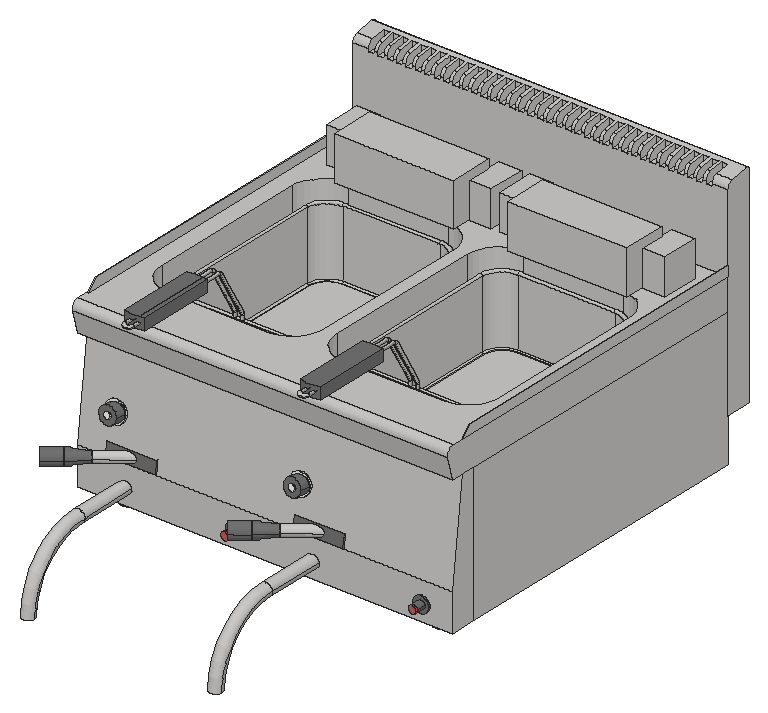
Revit family "QF_GIORIK_LFE6783", category Specialty Equipment, Revit 2014
Parameters (values of type "LFE6783")
  Weight in Pounds = 68.3432
  Watts = 12600 W
  Volts = 400 V
  URL Cutsheet = "www.giorik.com"
  URL = "www.giorik.com"
  Status [instance] = ""
  Specification by User [instance] = ""
  Specification by Manufacturer = ""
  Show Logo [instance] = yes
  Show Clearance [instance] = yes
  Serial Number = ""
  Seismic Rating = ""
  SMACNA No = ""
  Revision Code [instance] = ""
  Phase = 3
  Number of Poles [instance] = 3
  NAFEM Spec ID Number = ""
  Model = "LFE6783"
  Min Ckt Ampacity = 0 A
  Max Overcurrent Protection = 0 A
  Masterspec = ""
  Manufacturer = "GIORIK"
  Item Number [instance] = ""
  Installed By [instance] = ""
  Identify Quantity as Lot [instance] = no
  HP = "16.896852000000"
  Furnished By [instance] = ""
  Foodservice Equipment Identifier [instance] = yes
  FL Amps = 0 A
  Electrical Remarks [instance] = ""
  Electric Connection Type [instance] = ""
  Elec Conn RI Height [instance] = 0 mm
  Elec Conn Connection Height [instance] = 45 mm
  Description = "FRYER WITH LIFTABLE HEATING ELEMENTS ELECTRIC 8+8 LT"
  Cycle = 50 Hz
  Conn Plug = ""
  CSI MasterFormat = ""
  Assembly Code = "E1090320"
  Apparent Power = 12600 VA
Reference planes
  plane 1 "Back": y = 0
  plane 2: z = 0
  plane 3 "Left": x = 0
  plane 4 "Right": x = 600
  plane 5 "Front": y = -600
  plane 6 "Top": z = 430
Forms (mm)
  Extrusion 1, solid
    sketch origin (0, 1000, -578.42) x (0, 1, 0) y (0, 0, 1)
      loop
        line (-1040.007, 869.975) -> (-1589.445, 869.975)
        arc (-1589.445, 869.975) -> (-1598.171, 865.672) -> (-1600.069, 856.13) r 10.999
        line (-1600.069, 856.13) -> (-1590.388, 820) -> (-1040.007, 820) -> (-1040.007, 869.975)
    from 0 to 600
  Extrusion 2, solid
    sketch origin (0, 0, -558.42) x (0, 1, 0) y (0, 0, 1)
      loop
        line (-570.06, 849.975) -> (-40.007, 849.975) -> (-40.007, 864.975) -> (-555.06, 864.975) -> (-570.06, 849.975)
    from 0 to 1.85
  Extrusion 3, solid
    sketch origin (0, 0, -558.42) x (0, 1, 0) y (0, 0, 1)
      loop
        line (-40.007, 800) -> (-550, 800) -> (-550, 580) -> (-40.007, 580) -> (-40.007, 800)
    from 0 to 600
  Extrusion 4, solid
    sketch origin (0, 0, -558.42) x (0, 1, 0) y (0, 0, 1)
      loop
        line (-550, 800) -> (-570.5, 800) -> (-590, 640) -> (-590, 580) -> (-550, 580) -> (-550, 800)
    from 0 to 600
  Extrusion 5, solid
    sketch origin (598.094, 0, -558.42) x (0, 1, 0) y (0, 0, 1)
      loop
        line (-570.06, 849.975) -> (-40.007, 849.975) -> (-40.007, 864.975) -> (-555.06, 864.975) -> (-570.06, 849.975)
    from -0.15 to 1.906
  Extrusion 6, solid
    sketch origin (0, 0, -558.42) x (0, 1, 0) y (0, 0, 1)
      loop
        line (-40.007, 974.217) -> (-40.007, 650.827) -> (0, 650.827) -> (0, 988.42)
        arc (0, 988.42) -> (-0.57, 989.648) -> (-1.878, 990) r 1.6
        line (-1.878, 990) -> (-31.072, 984.852)
        arc (-31.072, 984.852) -> (-37.477, 981.162) -> (-40.007, 974.217) r 10.797
    from 0 to 600
  Extrusion 7, solid
    sketch origin (568.319, 0, -558.42) x (1, 0, 0) y (0, 0, 1)
      loop
        circle (-38.319, 606) r 12.5
    from 20.007 to 40.007
  Extrusion 8, void
    sketch origin (10, 0, 431.58) x (0, 1, 0) y (-1, 0, 0)
      loop
        line (-40.007, -25) -> (-9.931, -25) -> (-9.931, -15) -> (-40.007, -15) -> (-40.007, -25)
      loop
        line (-40.007, -40) -> (-9.931, -40) -> (-9.931, -30) -> (-40.007, -30) -> (-40.007, -40)
      loop
        line (-40.007, -55) -> (-9.931, -55) -> (-9.931, -45) -> (-40.007, -45) -> (-40.007, -55)
      loop
        line (-40.007, -70) -> (-9.931, -70) -> (-9.931, -60) -> (-40.007, -60) -> (-40.007, -70)
      loop
        line (-40.007, -85) -> (-9.931, -85) -> (-9.931, -75) -> (-40.007, -75) -> (-40.007, -85)
      loop
        line (-40.007, -100) -> (-9.931, -100) -> (-9.931, -90) -> (-40.007, -90) -> (-40.007, -100)
      loop
        line (-40.007, -115) -> (-9.931, -115) -> (-9.931, -105) -> (-40.007, -105) -> (-40.007, -115)
      loop
        line (-40.007, -130) -> (-9.931, -130) -> (-9.931, -120) -> (-40.007, -120) -> (-40.007, -130)
      loop
        line (-40.007, -145) -> (-9.931, -145) -> (-9.931, -135) -> (-40.007, -135) -> (-40.007, -145)
      loop
        line (-40.007, -160) -> (-9.931, -160) -> (-9.931, -150) -> (-40.007, -150) -> (-40.007, -160)
      loop
        line (-40.007, -175) -> (-9.931, -175) -> (-9.931, -165) -> (-40.007, -165) -> (-40.007, -175)
      loop
        line (-40.007, -190) -> (-9.931, -190) -> (-9.931, -180) -> (-40.007, -180) -> (-40.007, -190)
      loop
        line (-40.007, -205) -> (-9.931, -205) -> (-9.931, -195) -> (-40.007, -195) -> (-40.007, -205)
      loop
        line (-40.007, -220) -> (-9.931, -220) -> (-9.931, -210) -> (-40.007, -210) -> (-40.007, -220)
      loop
        line (-40.007, -235) -> (-9.931, -235) -> (-9.931, -225) -> (-40.007, -225) -> (-40.007, -235)
      loop
        line (-40.007, -250) -> (-9.931, -250) -> (-9.931, -240) -> (-40.007, -240) -> (-40.007, -250)
      loop
        line (-40.007, -265) -> (-9.931, -265) -> (-9.931, -255) -> (-40.007, -255) -> (-40.007, -265)
      loop
        line (-40.007, -280) -> (-9.931, -280) -> (-9.931, -270) -> (-40.007, -270) -> (-40.007, -280)
      loop
        line (-40.007, -295) -> (-9.931, -295) -> (-9.931, -285) -> (-40.007, -285) -> (-40.007, -295)
      loop
        line (-40.007, -310) -> (-9.931, -310) -> (-9.931, -300) -> (-40.007, -300) -> (-40.007, -310)
      loop
        line (-40.007, -325) -> (-9.931, -325) -> (-9.931, -315) -> (-40.007, -315) -> (-40.007, -325)
      loop
        line (-40.007, -340) -> (-9.931, -340) -> (-9.931, -330) -> (-40.007, -330) -> (-40.007, -340)
      loop
        line (-40.007, -355) -> (-9.931, -355) -> (-9.931, -345) -> (-40.007, -345) -> (-40.007, -355)
      loop
        line (-40.007, -370) -> (-9.931, -370) -> (-9.931, -360) -> (-40.007, -360) -> (-40.007, -370)
      loop
        line (-40.007, -385) -> (-9.931, -385) -> (-9.931, -375) -> (-40.007, -375) -> (-40.007, -385)
      loop
        line (-40.007, -400) -> (-9.931, -400) -> (-9.931, -390) -> (-40.007, -390) -> (-40.007, -400)
      loop
        line (-40.007, -415) -> (-9.931, -415) -> (-9.931, -405) -> (-40.007, -405) -> (-40.007, -415)
      loop
        line (-40.007, -430) -> (-9.931, -430) -> (-9.931, -420) -> (-40.007, -420) -> (-40.007, -430)
      loop
        line (-40.007, -445) -> (-9.931, -445) -> (-9.931, -435) -> (-40.007, -435) -> (-40.007, -445)
      loop
        line (-40.007, -460) -> (-9.931, -460) -> (-9.931, -450) -> (-40.007, -450) -> (-40.007, -460)
      loop
        line (-40.007, -520) -> (-9.931, -520) -> (-9.931, -510) -> (-40.007, -510) -> (-40.007, -520)
      loop
        line (-40.007, -535) -> (-9.931, -535) -> (-9.931, -525) -> (-40.007, -525) -> (-40.007, -535)
      loop
        line (-40.007, -565) -> (-9.931, -565) -> (-9.931, -555) -> (-40.007, -555) -> (-40.007, -565)
      loop
        line (-40.007, -475) -> (-9.931, -475) -> (-9.931, -465) -> (-40.007, -465) -> (-40.007, -475)
      loop
        line (-40.007, -490) -> (-9.931, -490) -> (-9.931, -480) -> (-40.007, -480) -> (-40.007, -490)
      loop
        line (-40.007, -505) -> (-9.931, -505) -> (-9.931, -495) -> (-40.007, -495) -> (-40.007, -505)
      loop
        line (-40.007, -550) -> (-9.931, -550) -> (-9.931, -540) -> (-40.007, -540) -> (-40.007, -550)
    from 0 to -20
  Extrusion 9, solid
    sketch origin (566.603, 14.286, -28.42) x (0, 1, 0) y (-1, 0, 0)
      loop
        circle (-79.293, 516.603) r 5
    from 40.385 to 50
  Revolve 10, solid
    sketch origin (50, 18.936, -600) x (0, 1, 0) y (0, 0, 1)
      loop
        line (-83.943, 611.965) -> (-94.752, 611.965) -> (-97.943, 600) -> (-83.943, 600) -> (-83.943, 611.965)
      axis (-83.943, 611.965) -> (-83.943, 600)
    angle from 0 to 360
  Extrusion 11, solid
    sketch origin (33.397, 14.286, -28.42) x (0, 1, 0) y (-1, 0, 0)
      loop
        circle (-79.293, -516.603) r 5
    from 40.385 to 50
  Revolve 12, solid
    sketch origin (550, 18.936, -600) x (0, 1, 0) y (0, 0, -1)
      loop
        line (-83.943, -611.965) -> (-83.943, -600) -> (-97.943, -600) -> (-94.752, -611.965) -> (-83.943, -611.965)
      axis (-83.943, -611.965) -> (-83.943, -600)
    angle from 0 to 360
  Extrusion 13, solid
    sketch origin (566.603, -469.707, -30) x (0, 1, 0) y (-1, 0, 0)
      loop
        circle (-79.293, 516.603) r 5
    from 41.965 to 51.58
  Revolve 14, solid
    sketch origin (50, -465.057, -600) x (0, 1, 0) y (0, 0, 1)
      loop
        line (-83.943, 611.965) -> (-94.752, 611.965) -> (-97.943, 600) -> (-83.943, 600) -> (-83.943, 611.965)
      axis (-83.943, 611.965) -> (-83.943, 600)
    angle from 0 to 360
  Extrusion 15, solid
    sketch origin (33.397, -469.707, -30) x (0, 1, 0) y (-1, 0, 0)
      loop
        circle (-79.293, -516.603) r 5
    from 41.965 to 51.58
  Revolve 16, solid
    sketch origin (550, -465.057, -600) x (0, 1, 0) y (0, 0, -1)
      loop
        line (-83.943, -611.965) -> (-83.943, -600) -> (-97.943, -600) -> (-94.752, -611.965) -> (-83.943, -611.965)
      axis (-83.943, -611.965) -> (-83.943, -600)
    angle from 0 to 360
  Extrusion 17, void
    sketch origin (0, 0, 430) x (0, 1, 0) y (-1, 0, 0)
      loop
        arc (-150.007, -80) -> (-164.652, -44.645) -> (-200.007, -30) r 50
        line (-200.007, -30) -> (-460, -30)
        arc (-460, -30) -> (-495.355, -44.645) -> (-510, -80) r 50
        line (-510, -80) -> (-510, -240)
        arc (-510, -240) -> (-495.355, -275.355) -> (-460, -290) r 50
        line (-460, -290) -> (-200.007, -290)
        arc (-200.007, -290) -> (-164.652, -275.355) -> (-150.007, -240) r 50
        line (-150.007, -240) -> (-150.007, -80)
      loop
        line (-150.007, -520) -> (-150.007, -360)
        arc (-150.007, -360) -> (-164.652, -324.645) -> (-200.007, -310) r 50
        line (-200.007, -310) -> (-460, -310)
        arc (-460, -310) -> (-495.355, -324.645) -> (-510, -360) r 50
        line (-510, -360) -> (-510, -520)
        arc (-510, -520) -> (-495.355, -555.355) -> (-460, -570) r 50
        line (-460, -570) -> (-200.007, -570)
        arc (-200.007, -570) -> (-164.652, -555.355) -> (-150.007, -520) r 50
    from -97.843 to -337.592
  Sweep 18, solid
    path origin (75, 226.022, -176.065) x (0, 1, 0) y (0, 0, 1)
      loop
        line (-814.022, 222.645) -> (-909.022, 222.645)
        arc (-909.022, 222.645) -> (-979.733, 193.356) -> (-1009.022, 122.645) r 100
    profile origin (75, -635.5, 46.58) x (0, 0, -1) y (1, 0, 0)
      loop
        circle (0, 0) r 10
  Extrusion 19, solid
    sketch origin (211.298, -565.79, -665.116) x (1, 0, 0) y (0, 0.001091, 0.999999)
      loop
        circle (38.702, 711.666) r 12.5
    from 25 to 27
  Extrusion 20, solid
    sketch origin (-514.91, -592.797, -671.509) x (1, 0, 0) y (0, 0.001091, 0.999999)
      loop
        circle (764.91, 718.089) r 6
    from 0 to 15
  Extrusion 21, solid
    sketch origin (-514.91, -593.959, -671.508) x (1, 0, 0) y (0, 0.001091, 0.999999)
      loop
        circle (764.91, 718.089) r 6
    from 13.838 to 15.838
  Blend 22, solid
    base sketch origin (588.702, -95.301, -902.739) x (0.615661, -0.788011, 0) y (0, 0, 1)
      loop
        circle (76.097, 994.319) r 8
    top sketch origin (588.702, -95.301, -902.739) x (0.615661, -0.788011, 0) y (0, 0, 1)
      loop
        circle (76.097, 994.319) r 12
    from 750.092 to 785.1
  Extrusion 23, solid
    sketch origin (579.876, -86.968, -914.17) x (0.615661, -0.788011, 0) y (0, 0, 1)
      loop
        circle (88.097, 1005.786) r 12
    from 783.275 to 813.376
  Extrusion 24, solid
    sketch origin (-430.908, -8.612, -369.564) x (-0.615661, 0.788011, 0) y (0, 0, 1)
      loop
        circle (-772.143, 461.145) r 8
    from 0 to 59.891
  Extrusion 25, solid
    sketch origin (-40, -17.89, -65.171) x (1, 0, 0) y (0, 0.12098, 0.992655)
      loop
        line (84.851, 96.58) -> (84.851, 76.58) -> (164.851, 76.58) -> (164.851, 96.58) -> (84.851, 96.58)
    from 584.669 to 586.623
  Extrusion 26, solid
    sketch origin (511.298, -565.79, -665.116) x (1, 0, 0) y (0, 0.001091, 0.999999)
      loop
        circle (38.702, 711.666) r 12.5
    from 25 to 27
  Extrusion 27, solid
    sketch origin (-214.91, -592.797, -671.509) x (1, 0, 0) y (0, 0.001091, 0.999999)
      loop
        circle (764.91, 718.089) r 6
    from 0 to 15
  Extrusion 28, solid
    sketch origin (-214.91, -593.959, -671.508) x (1, 0, 0) y (0, 0.001091, 0.999999)
      loop
        circle (764.91, 718.089) r 6
    from 13.838 to 15.838
  Sweep 29, solid
    path origin (375, 226.022, -176.065) x (0, 1, 0) y (0, 0, 1)
      loop
        line (-814.022, 222.645) -> (-909.022, 222.645)
        arc (-909.022, 222.645) -> (-979.733, 193.356) -> (-1009.022, 122.645) r 100
    profile origin (375, -635.5, 46.58) x (0, 0, -1) y (1, 0, 0)
      loop
        circle (0, 0) r 10
  Blend 30, solid
    base sketch origin (888.702, -95.301, -902.739) x (0.615661, -0.788011, 0) y (0, 0, 1)
      loop
        circle (76.097, 994.319) r 8
    top sketch origin (888.702, -95.301, -902.739) x (0.615661, -0.788011, 0) y (0, 0, 1)
      loop
        circle (76.097, 994.319) r 12
    from 750.092 to 785.1
  Extrusion 31, solid
    sketch origin (879.876, -86.968, -914.17) x (0.615661, -0.788011, 0) y (0, 0, 1)
      loop
        circle (88.097, 1005.786) r 12
    from 783.275 to 813.376
  Extrusion 32, solid
    sketch origin (-130.908, -8.612, -369.564) x (-0.615661, 0.788011, 0) y (0, 0, 1)
      loop
        circle (-772.143, 461.145) r 8
    from 0 to 59.891
  Extrusion 33, solid
    sketch origin (260, -17.89, -65.171) x (1, 0, 0) y (0, 0.12098, 0.992655)
      loop
        line (84.851, 96.58) -> (84.851, 76.58) -> (164.851, 76.58) -> (164.851, 96.58) -> (84.851, 96.58)
    from 584.669 to 586.623
  Extrusion 34, solid
    sketch origin (-5.06, -27.512, 291.556) x (0, 1, 0) y (-1, 0, 0)
      loop
        line (-62.495, -71.06) -> (-132.495, -71.06) -> (-132.495, -262.06) -> (-62.495, -262.06) -> (-62.495, -71.06)
    from 0 to 70
  Extrusion 35, solid
    sketch origin (-38.5, 0, 291.556) x (0, 1, 0) y (-1, 0, 0)
      loop
        line (-70.007, -68.5) -> (-130.007, -68.5) -> (-130.007, -104.5) -> (-70.007, -104.5) -> (-70.007, -68.5)
    from 0 to 57
  Extrusion 36, solid
    sketch origin (188.5, 0, 291.556) x (0, 1, 0) y (-1, 0, 0)
      loop
        line (-70.007, -68.5) -> (-130.007, -68.5) -> (-130.007, -104.5) -> (-70.007, -104.5) -> (-70.007, -68.5)
    from 0 to 57
  Extrusion 37, solid
    sketch origin (605.06, -27.512, 291.556) x (0, 1, 0) y (-1, 0, 0)
      loop
        line (-62.495, 71.06) -> (-62.495, 262.06) -> (-132.495, 262.06) -> (-132.495, 71.06) -> (-62.495, 71.06)
    from 0 to 70
  Extrusion 38, solid
    sketch origin (638.5, 0, 291.556) x (0, 1, 0) y (-1, 0, 0)
      loop
        line (-70.007, 68.5) -> (-70.007, 104.5) -> (-130.007, 104.5) -> (-130.007, 68.5) -> (-70.007, 68.5)
    from 0 to 57
  Extrusion 39, solid
    sketch origin (411.5, 0, 291.556) x (0, 1, 0) y (-1, 0, 0)
      loop
        line (-70.007, 68.5) -> (-70.007, 104.5) -> (-130.007, 104.5) -> (-130.007, 68.5) -> (-70.007, 68.5)
    from 0 to 57
  Extrusion 40, solid
    sketch origin (55.121, -611.109, -93.063) x (1, 0, 0) y (0, 0.12098, 0.992655)
      loop
        circle (0, 240) r 14
    from 0 to 17.552
  Extrusion 41, solid
    sketch origin (55.121, -611.109, -93.063) x (1, 0, 0) y (0, 0.12098, 0.992655)
      loop
        circle (0, 240) r 17
    from 0 to 1.96
  Extrusion 42, solid
    sketch origin (-14.879, -20.398, -64.188) x (1, 0, 0) y (0, 0.12098, 0.992655)
      loop
        circle (70, 139.874) r 5
    from 601.431 to 599.431
  Extrusion 43, solid
    sketch origin (350.121, -611.109, -93.063) x (1, 0, 0) y (0, 0.12098, 0.992655)
      loop
        circle (0, 240) r 14
    from 0 to 17.552
  Extrusion 44, solid
    sketch origin (350.121, -611.109, -93.063) x (1, 0, 0) y (0, 0.12098, 0.992655)
      loop
        circle (0, 240) r 17
    from 0 to 1.96
  Extrusion 45, solid
    sketch origin (280.121, -20.398, -64.188) x (1, 0, 0) y (0, 0.12098, 0.992655)
      loop
        circle (70, 139.874) r 5
    from 601.431 to 599.431
  Sweep 46, solid
    path origin (265.248, -1566.33, 264.972) x (0, 1, 0) y (-1, 0, 0)
      loop
        arc (1405.5, -97.49) -> (1395.366, -73.124) -> (1371, -62.99) r 34.6
        line (1371, -62.99) -> (1132.51, -62.99)
        arc (1132.51, -62.99) -> (1107.632, -73.121) -> (1097.5, -98) r 34.6
        line (1097.5, -98) -> (1097.5, -252)
        arc (1097.5, -252) -> (1107.634, -276.366) -> (1132, -286.5) r 34.6
        line (1132, -286.5) -> (1371, -286.5)
        arc (1371, -286.5) -> (1395.366, -276.366) -> (1405.5, -252) r 34.6
        line (1405.5, -252) -> (1405.5, -97.49)
    profile origin (439.993, -160.83, 264.972) x (0, 1, 0) y (0, 0, 1)
      loop
        line (-2.5, 0) -> (-2.5, -107.472)
        arc (-2.5, -107.472) -> (-3.232, -109.24) -> (-5, -109.972) r 2.5
        line (-5, -109.972) -> (-5, -114.972) -> (0, -114.972)
        arc (0, -114.972) -> (1.768, -114.24) -> (2.5, -112.472) r 2.5
        line (2.5, -112.472) -> (2.5, 0)
        arc (2.5, 0) -> (0, 2.5) -> (-2.5, 0) r 2.5
  Extrusion 47, solid
    sketch origin (255.248, -1566.33, 343.972) x (0, 1, 0) y (-1, 0, 0)
      loop
        line (1014.866, -169) -> (890.852, -169)
        arc (890.852, -169) -> (888.33, -185) -> (890.852, -201) r 52
        line (890.852, -201) -> (1014.866, -201)
        arc (1014.866, -201) -> (1017.389, -185) -> (1014.866, -169) r 52
    from 0 to 18
  Extrusion 48, solid
    sketch origin (1242.748, -69.244, 150) x (0, 1, 0) y (-1, 0, 0)
      loop
        arc (-94.5, 882.51) -> (-103.14, 903.37) -> (-124, 912.01) r 29.5
        line (-124, 912.01) -> (-367.076, 912.01)
        arc (-367.076, 912.01) -> (-388.296, 903.22) -> (-397.086, 882) r 30.01
        line (-397.086, 882) -> (-397.086, 723)
        arc (-397.086, 723) -> (-388.446, 702.14) -> (-367.586, 693.5) r 29.5
        line (-367.586, 693.5) -> (-124, 693.5)
        arc (-124, 693.5) -> (-103.14, 702.14) -> (-94.5, 723) r 29.5
        line (-94.5, 723) -> (-94.5, 882.51)
    from 0 to 5
  Sweep 49, solid
    path origin (434.248, -1566.33, -556.028) x (0, 1, 0) y (0, 0, 1)
      loop
        line (1097.5, 818.028) -> (1097.5, 829.689)
        arc (1097.5, 829.689) -> (1097.33, 830.983) -> (1096.831, 832.188) r 5
        line (1096.831, 832.188) -> (1054.233, 906.027)
        arc (1054.233, 906.027) -> (1052.403, 907.858) -> (1049.902, 908.528) r 5
        line (1049.902, 908.528) -> (878.021, 908.528)
    profile origin (434.248, -468.83, 267.831) x (0, -1, 0) y (1, 0, 0)
      loop
        circle (0, 0) r 2
  Sweep 50, solid
    path origin (446.248, -1566.33, -566.028) x (0, 1, 0) y (0, 0, -1)
      loop
        line (1097.5, -828.028) -> (1097.5, -839.689)
        arc (1097.5, -839.689) -> (1097.33, -840.983) -> (1096.831, -842.188) r 5
        line (1096.831, -842.188) -> (1054.233, -916.027)
        arc (1054.233, -916.027) -> (1052.403, -917.858) -> (1049.902, -918.528) r 5
        line (1049.902, -918.528) -> (878.021, -918.528)
    profile origin (446.248, -468.83, 267.831) x (0, 1, 0) y (-1, 0, 0)
      loop
        circle (0, 0) r 2
  Sweep 51, solid
    path origin (255.248, -66.33, 352.5) x (0, 1, 0) y (-1, 0, 0)
      loop
        arc (-621.979, -179) -> (-627.979, -185) -> (-621.979, -191) r 6
    profile origin (440.248, -694.308, 352.5) x (0, 1, 0) y (0, 0, 1)
      loop
        circle (0, 0) r 2
  Sweep 52, solid
    path origin (334.752, -1566.33, 264.972) x (0, 1, 0) y (-1, 0, 0)
      loop
        line (1405.5, 97.49) -> (1405.5, 252)
        arc (1405.5, 252) -> (1395.366, 276.366) -> (1371, 286.5) r 34.6
        line (1371, 286.5) -> (1132, 286.5)
        arc (1132, 286.5) -> (1107.634, 276.366) -> (1097.5, 252) r 34.6
        line (1097.5, 252) -> (1097.5, 98)
        arc (1097.5, 98) -> (1107.632, 73.121) -> (1132.51, 62.99) r 34.6
        line (1132.51, 62.99) -> (1371, 62.99)
        arc (1371, 62.99) -> (1395.366, 73.124) -> (1405.5, 97.49) r 34.6
    profile origin (160.007, -160.83, 264.972) x (0, -1, 0) y (0, 0, 1)
      loop
        arc (2.5, 0) -> (0, 2.5) -> (-2.5, 0) r 2.5
        line (-2.5, 0) -> (-2.5, -112.472)
        arc (-2.5, -112.472) -> (-1.768, -114.24) -> (0, -114.972) r 2.5
        line (0, -114.972) -> (5, -114.972) -> (5, -109.972)
        arc (5, -109.972) -> (3.232, -109.24) -> (2.5, -107.472) r 2.5
        line (2.5, -107.472) -> (2.5, 0)
  Extrusion 53, solid
    sketch origin (344.752, -1566.33, 343.972) x (0, 1, 0) y (-1, 0, 0)
      loop
        arc (1014.866, 169) -> (1017.389, 185) -> (1014.866, 201) r 52
        line (1014.866, 201) -> (890.852, 201)
        arc (890.852, 201) -> (888.33, 185) -> (890.852, 169) r 52
        line (890.852, 169) -> (1014.866, 169)
    from 0 to 18
  Extrusion 54, solid
    sketch origin (-642.748, -69.244, 150) x (0, 1, 0) y (-1, 0, 0)
      loop
        line (-94.5, -882.51) -> (-94.5, -723)
        arc (-94.5, -723) -> (-103.14, -702.14) -> (-124, -693.5) r 29.5
        line (-124, -693.5) -> (-367.586, -693.5)
        arc (-367.586, -693.5) -> (-388.446, -702.14) -> (-397.086, -723) r 29.5
        line (-397.086, -723) -> (-397.086, -882)
        arc (-397.086, -882) -> (-388.296, -903.22) -> (-367.076, -912.01) r 30.01
        line (-367.076, -912.01) -> (-124, -912.01)
        arc (-124, -912.01) -> (-103.14, -903.37) -> (-94.5, -882.51) r 29.5
    from 0 to 5
  Sweep 55, solid
    path origin (165.752, -1566.33, -556.028) x (0, 1, 0) y (0, 0, -1)
      loop
        line (1097.5, -818.028) -> (1097.5, -829.689)
        arc (1097.5, -829.689) -> (1097.33, -830.983) -> (1096.831, -832.188) r 5
        line (1096.831, -832.188) -> (1054.233, -906.027)
        arc (1054.233, -906.027) -> (1052.403, -907.858) -> (1049.902, -908.528) r 5
        line (1049.902, -908.528) -> (878.021, -908.528)
    profile origin (165.752, -468.83, 267.831) x (0, 1, 0) y (-1, 0, 0)
      loop
        circle (0, 0) r 2
  Sweep 56, solid
    path origin (153.752, -1566.33, -566.028) x (0, 1, 0) y (0, 0, 1)
      loop
        line (1097.5, 828.028) -> (1097.5, 839.689)
        arc (1097.5, 839.689) -> (1097.33, 840.983) -> (1096.831, 842.188) r 5
        line (1096.831, 842.188) -> (1054.233, 916.027)
        arc (1054.233, 916.027) -> (1052.403, 917.858) -> (1049.902, 918.528) r 5
        line (1049.902, 918.528) -> (878.021, 918.528)
    profile origin (153.752, -468.83, 267.831) x (0, -1, 0) y (1, 0, 0)
      loop
        circle (0, 0) r 2
  Sweep 57, solid
    path origin (344.752, -66.33, 352.5) x (0, 1, 0) y (-1, 0, 0)
      loop
        arc (-621.979, 179) -> (-627.979, 185) -> (-621.979, 191) r 6
    profile origin (159.752, -694.308, 352.5) x (0, -1, 0) y (0, 0, 1)
      loop
        circle (0, 0) r 2
Cuts and joins
  Extrusion 8 cuts Extrusion 6
  Extrusion 17 cuts Extrusion 1
  Extrusion 17 cuts Extrusion 3
Lines and regions (mm)
  symbolic lines, style "200-EquipInternal-2D"
    curve 1: line (25, -9.931, 290) -> (25, -40.007, 290)
    curve 2: line (35, -40.007, 290) -> (35, -9.931, 290)
    curve 3: line (40, -9.931, 290) -> (40, -40.007, 290)
    curve 4: line (50, -40.007, 290) -> (50, -9.931, 290)
    curve 5: line (55, -9.931, 290) -> (55, -40.007, 290)
    curve 6: line (65, -40.007, 290) -> (65, -9.931, 290)
    curve 7: line (85, -9.931, 290) -> (85, -40.007, 290)
    curve 8: line (95, -40.007, 290) -> (95, -9.931, 290)
    curve 9: line (100, -9.931, 290) -> (100, -40.007, 290)
    curve 10: line (110, -40.007, 290) -> (110, -9.931, 290)
    curve 11: line (140, -40.007, 290) -> (140, -9.931, 290)
    curve 12: line (130, -9.931, 290) -> (130, -40.007, 290)
    curve 13: line (155, -40.007, 290) -> (155, -9.931, 290)
    curve 14: line (160, -9.931, 290) -> (160, -40.007, 290)
    curve 15: line (170, -40.007, 290) -> (170, -9.931, 290)
    curve 16: line (145, -9.931, 290) -> (145, -40.007, 290)
    curve 17: line (200, -40.007, 290) -> (200, -9.931, 290)
    curve 18: line (190, -9.931, 290) -> (190, -40.007, 290)
    curve 19: line (205, -9.931, 290) -> (205, -40.007, 290)
    curve 20: line (215, -40.007, 290) -> (215, -9.931, 290)
    curve 21: line (220, -9.931, 290) -> (220, -40.007, 290)
    curve 22: line (230, -40.007, 290) -> (230, -9.931, 290)
    curve 23: line (250, -9.931, 290) -> (250, -40.007, 290)
    curve 24: line (260, -40.007, 290) -> (260, -9.931, 290)
    curve 25: line (265, -9.931, 290) -> (265, -40.007, 290)
    curve 26: line (275, -40.007, 290) -> (275, -9.931, 290)
    curve 27: line (280, -9.931, 290) -> (280, -40.007, 290)
    curve 28: line (290, -40.007, 290) -> (290, -9.931, 290)
    curve 29: line (320, -40.007, 290) -> (320, -9.931, 290)
    curve 30: line (310, -9.931, 290) -> (310, -40.007, 290)
    curve 31: line (335, -40.007, 290) -> (335, -9.931, 290)
    curve 32: line (325, -9.931, 290) -> (325, -40.007, 290)
    curve 33: line (340, -9.931, 290) -> (340, -40.007, 290)
    curve 34: line (350, -40.007, 290) -> (350, -9.931, 290)
    curve 35: line (370, -9.931, 290) -> (370, -40.007, 290)
    curve 36: line (380, -9.931, 290) -> (370, -9.931, 290)
    curve 37: line (350, -9.931, 290) -> (340, -9.931, 290)
    curve 38: line (335, -9.931, 290) -> (325, -9.931, 290)
    curve 39: line (320, -9.931, 290) -> (310, -9.931, 290)
    curve 40: line (275, -9.931, 290) -> (265, -9.931, 290)
    curve 41: line (110, -9.931, 290) -> (100, -9.931, 290)
    curve 42: line (95, -9.931, 290) -> (85, -9.931, 290)
    curve 43: line (65, -9.931, 290) -> (55, -9.931, 290)
    curve 44: line (35, -9.931, 290) -> (25, -9.931, 290)
    curve 45: line (140, -9.931, 290) -> (130, -9.931, 290)
    curve 46: line (155, -9.931, 290) -> (145, -9.931, 290)
    curve 47: line (170, -9.931, 290) -> (160, -9.931, 290)
    curve 48: line (200, -9.931, 290) -> (190, -9.931, 290)
    curve 49: line (215, -9.931, 290) -> (205, -9.931, 290)
    curve 50: line (230, -9.931, 290) -> (220, -9.931, 290)
    curve 51: line (260, -9.931, 290) -> (250, -9.931, 290)
    curve 52: line (50, -9.931, 290) -> (40, -9.931, 290)
    curve 53: line (70, -9.931, 430) -> (70, -40.007, 430)
    curve 54: line (80, -40.007, 430) -> (80, -9.931, 430)
    curve 55: line (80, -9.931, 430) -> (70, -9.931, 430)
    curve 56: line (175, -9.931, 430) -> (175, -40.007, 430)
    curve 57: line (185, -40.007, 430) -> (185, -9.931, 430)
    curve 58: line (185, -9.931, 430) -> (175, -9.931, 430)
    curve 59: line (235, -9.931, 430) -> (235, -40.007, 430)
    curve 60: line (245, -40.007, 430) -> (245, -9.931, 430)
    curve 61: line (245, -9.931, 430) -> (235, -9.931, 430)
    curve 62: line (290, -9.931, 430) -> (280, -9.931, 430)
    curve 63: line (305, -9.931, 430) -> (295, -9.931, 430)
    curve 64: line (295, -9.931, 430) -> (295, -40.007, 430)
    curve 65: line (305, -40.007, 430) -> (305, -9.931, 430)
    curve 66: line (355, -9.931, 430) -> (355, -40.007, 430)
    curve 67: line (365, -40.007, 430) -> (365, -9.931, 430)
    curve 68: line (365, -9.931, 430) -> (355, -9.931, 430)
    curve 69: line (125, -9.931, 430) -> (115, -9.931, 430)
    curve 70: line (115, -9.931, 430) -> (115, -40.007, 430)
    curve 71: line (125, -40.007, 430) -> (125, -9.931, 430)
    curve 75: line (597.944, -570.06, 430) -> (600, -570.06, 430)
    curve 76: line (597.944, -40.007, 430) -> (597.944, -570.06, 430)
    curve 77: arc (80, -510, 430) -> (44.645, -495.355, 430) -> (30, -460, 430) r 50
    curve 78: line (0, -570.06, 430) -> (1.85, -570.06, 430)
    curve 79: line (1.85, -570.06, 430) -> (1.85, -40.007, 430)
    curve 80: line (1.85, -40.007, 430) -> (597.944, -40.007, 430)
    curve 97: line (380, -40.007, 430) -> (380, -9.931, 430)
    curve 98: line (385, -9.931, 430) -> (385, -40.007, 430)
    curve 99: line (395, -40.007, 430) -> (395, -9.931, 430)
    curve 100: line (400, -9.931, 430) -> (400, -40.007, 430)
    curve 101: line (410, -40.007, 430) -> (410, -9.931, 430)
    curve 102: line (415, -9.931, 430) -> (415, -40.007, 430)
    curve 103: line (425, -40.007, 430) -> (425, -9.931, 430)
    curve 104: line (430, -9.931, 430) -> (430, -40.007, 430)
    curve 105: line (440, -40.007, 430) -> (440, -9.931, 430)
    curve 106: line (445, -9.931, 430) -> (445, -40.007, 430)
    curve 107: line (455, -40.007, 430) -> (455, -9.931, 430)
    curve 108: line (460, -9.931, 430) -> (460, -40.007, 430)
    curve 109: line (470, -40.007, 430) -> (470, -9.931, 430)
    curve 110: line (475, -9.931, 430) -> (475, -40.007, 430)
    curve 111: line (485, -40.007, 430) -> (485, -9.931, 430)
    curve 112: line (490, -9.931, 430) -> (490, -40.007, 430)
    curve 113: line (500, -40.007, 430) -> (500, -9.931, 430)
    curve 114: line (505, -9.931, 430) -> (505, -40.007, 430)
    curve 115: line (515, -40.007, 430) -> (515, -9.931, 430)
    curve 116: line (520, -9.931, 430) -> (520, -40.007, 430)
    curve 117: line (530, -40.007, 430) -> (530, -9.931, 430)
    curve 118: line (535, -9.931, 430) -> (535, -40.007, 430)
    curve 119: line (545, -40.007, 430) -> (545, -9.931, 430)
    curve 120: line (550, -9.931, 430) -> (550, -40.007, 430)
    curve 121: line (560, -40.007, 430) -> (560, -9.931, 430)
    curve 122: line (565, -9.931, 430) -> (565, -40.007, 430)
    curve 123: line (575, -40.007, 430) -> (575, -9.931, 430)
    curve 124: line (575, -9.931, 430) -> (565, -9.931, 430)
    curve 125: line (560, -9.931, 430) -> (550, -9.931, 430)
    curve 126: line (545, -9.931, 430) -> (535, -9.931, 430)
    curve 127: line (530, -9.931, 430) -> (520, -9.931, 430)
    curve 128: line (515, -9.931, 430) -> (505, -9.931, 430)
    curve 129: line (500, -9.931, 430) -> (490, -9.931, 430)
    curve 130: line (485, -9.931, 430) -> (475, -9.931, 430)
    curve 131: line (470, -9.931, 430) -> (460, -9.931, 430)
    curve 132: line (455, -9.931, 430) -> (445, -9.931, 430)
    curve 133: line (440, -9.931, 430) -> (430, -9.931, 430)
    curve 134: line (425, -9.931, 430) -> (415, -9.931, 430)
    curve 135: line (410, -9.931, 430) -> (400, -9.931, 430)
    curve 136: line (395, -9.931, 430) -> (385, -9.931, 430)
    curve 147: line (520, -510, 430) -> (360, -510, 430)
    curve 148: line (240, -510, 430) -> (80, -510, 430)
    curve 149: arc (240, -510, 430) -> (275.355, -495.355, 430) -> (290, -460, 430) r 50
    curve 150: arc (310, -460, 430) -> (324.645, -495.355, 430) -> (360, -510, 430) r 50
    curve 151: arc (520, -510, 430) -> (555.355, -495.355, 430) -> (570, -460, 430) r 50
    curve 152: line (257, -90.007, 430) -> (66, -90.007, 430)
    curve 153: line (534, -90.007, 430) -> (343, -90.007, 430)
    curve 154: line (343, -160.007, 430) -> (534, -160.007, 430)
    curve 155: line (66, -160.007, 430) -> (257, -160.007, 430)
    curve 156: line (257, -130.007, 430) -> (293, -130.007, 430)
    curve 157: line (307, -130.007, 430) -> (343, -130.007, 430)
    curve 158: line (343, -70.007, 430) -> (307, -70.007, 430)
    curve 159: line (293, -70.007, 430) -> (257, -70.007, 430)
    curve 160: line (293, -130.007, 430) -> (293, -70.007, 430)
    curve 161: line (307, -70.007, 430) -> (307, -130.007, 430)
    curve 162: line (570, -130.007, 430) -> (570, -70.007, 430)
    curve 163: line (570, -70.007, 430) -> (534, -70.007, 430)
    curve 164: line (534, -130.007, 430) -> (570, -130.007, 430)
    curve 165: line (30, -70.007, 430) -> (30, -130.007, 430)
    curve 166: line (66, -70.007, 430) -> (30, -70.007, 430)
    curve 167: line (30, -130.007, 430) -> (66, -130.007, 430)
    curve 168: line (30, -200.007, 430) -> (30, -460, 430)
    curve 169: line (290, -460, 430) -> (290, -200.007, 430)
    curve 170: line (310, -200.007, 430) -> (310, -460, 430)
    curve 171: line (66, -70.007, 430) -> (66, -90.007, 430)
    curve 172: line (257, -70.007, 430) -> (257, -90.007, 430)
    curve 173: line (343, -70.007, 430) -> (343, -90.007, 430)
    curve 174: line (534, -70.007, 430) -> (534, -90.007, 430)
    curve 175: line (534, -160.007, 430) -> (534, -130.007, 430)
    curve 176: line (343, -130.007, 430) -> (343, -160.007, 430)
    curve 177: line (257, -160.007, 430) -> (257, -130.007, 430)
    curve 178: line (66, -130.007, 430) -> (66, -160.007, 430)
    curve 179: line (570, -460, 430) -> (570, -200.007, 430)
    curve 180: arc (66, -152.007, 430) -> (40, -170.007, 430) -> (30, -200.007, 430) r 50
    curve 181: arc (257, -152.986, 430) -> (280.927, -171.284, 430) -> (290, -200.007, 430) r 50
    curve 182: arc (343, -152.986, 430) -> (319.073, -171.284, 430) -> (310, -200.007, 430) r 50
    curve 183: arc (534, -152.007, 430) -> (560, -170.007, 430) -> (570, -200.007, 430) r 50
    curve 184: line (325.738, -195.322, 430) -> (325.738, -433.79, 430)
    curve 185: line (363.278, -471.33, 430) -> (432.225, -471.33, 430)
    curve 186: line (432.225, -468.83, 430) -> (432.225, -549.563, 430)
    curve 187: line (424.248, -603.737, 430) -> (424.248, -551.464, 430)
    curve 188: line (456.248, -551.464, 430) -> (456.248, -603.737, 430)
    curve 189: line (448.271, -549.563, 430) -> (448.271, -468.83, 430)
    curve 190: line (517.255, -471.33, 430) -> (448.271, -471.33, 430)
    curve 191: line (554.248, -434.337, 430) -> (554.248, -195.33, 430)
    curve 192: line (333.238, -195.33, 430) -> (333.238, -433.849, 430)
    curve 193: line (546.748, -434.33, 430) -> (546.748, -195.33, 430)
    curve 194: arc (517.248, -165.83, 430) -> (538.078, -174.499, 430) -> (546.748, -195.33, 430) r 29.6
    curve 195: arc (333.238, -195.33, 430) -> (341.907, -174.499, 430) -> (362.738, -165.83, 430) r 29.6
    curve 196: arc (363.248, -463.829, 430) -> (341.915, -455.173, 430) -> (333.238, -433.849, 430) r 29.6
    curve 197: arc (546.748, -434.33, 430) -> (538.107, -455.131, 430) -> (517.33, -463.829, 430) r 29.6
    curve 198: arc (325.738, -433.79, 430) -> (336.733, -460.335, 430) -> (363.278, -471.33, 430) r 37.54
    curve 199: arc (517.255, -471.33, 430) -> (543.413, -460.495, 430) -> (554.248, -434.337, 430) r 36.993
    curve 200: arc (528.261, -160.007, 430) -> (547.051, -173.404, 430) -> (554.248, -195.33, 430) r 37
    curve 201: arc (351.717, -160.007, 430) -> (332.932, -173.401, 430) -> (325.738, -195.322, 430) r 36.993
    curve 202: line (436.221, -549.097, 430) -> (436.221, -468.83, 430)
    curve 203: line (444.275, -549.097, 430) -> (444.275, -468.83, 430)
    curve 204: arc (424.248, -551.464, 430) -> (440.248, -548.941, 430) -> (456.248, -551.464, 430) r 52
    curve 214: arc (432.225, -468.83, 430) -> (434.223, -466.832, 430) -> (436.221, -468.83, 430) r 1.998
    curve 215: arc (448.271, -468.83, 430) -> (446.273, -466.832, 430) -> (444.275, -468.83, 430) r 1.998
    curve 216: line (436.221, -471.33, 430) -> (444.275, -471.33, 430)
    curve 217: line (363.248, -463.829, 430) -> (516.966, -463.829, 430)
    curve 218: line (517.248, -165.83, 430) -> (362.937, -165.83, 430)
    curve 219: line (274.262, -195.322, 430) -> (274.262, -433.79, 430)
    curve 220: line (236.722, -471.33, 430) -> (167.775, -471.33, 430)
    curve 221: line (167.775, -468.83, 430) -> (167.775, -549.563, 430)
    curve 222: line (175.752, -603.737, 430) -> (175.752, -551.464, 430)
    curve 223: line (143.752, -551.464, 430) -> (143.752, -603.737, 430)
    curve 224: line (151.729, -549.563, 430) -> (151.729, -468.83, 430)
    curve 225: line (82.745, -471.33, 430) -> (151.729, -471.33, 430)
    curve 226: line (45.752, -434.337, 430) -> (45.752, -195.33, 430)
    curve 227: line (266.762, -195.33, 430) -> (266.762, -433.849, 430)
    curve 228: line (53.252, -434.33, 430) -> (53.252, -195.33, 430)
    curve 229: arc (82.752, -165.83, 430) -> (61.922, -174.499, 430) -> (53.252, -195.33, 430) r 29.6
    curve 230: arc (266.762, -195.33, 430) -> (258.093, -174.499, 430) -> (237.262, -165.83, 430) r 29.6
    curve 231: arc (236.752, -463.829, 430) -> (258.085, -455.173, 430) -> (266.762, -433.849, 430) r 29.6
    curve 232: arc (53.252, -434.33, 430) -> (61.893, -455.131, 430) -> (82.67, -463.829, 430) r 29.6
    curve 233: arc (274.262, -433.79, 430) -> (263.267, -460.335, 430) -> (236.722, -471.33, 430) r 37.54
    curve 234: arc (82.745, -471.33, 430) -> (56.587, -460.495, 430) -> (45.752, -434.337, 430) r 36.993
    curve 235: arc (71.739, -160.007, 430) -> (52.949, -173.404, 430) -> (45.752, -195.33, 430) r 37
    curve 236: arc (248.283, -160.007, 430) -> (267.068, -173.401, 430) -> (274.262, -195.322, 430) r 36.993
    curve 237: line (163.779, -549.097, 430) -> (163.779, -468.83, 430)
    curve 238: line (155.725, -549.097, 430) -> (155.725, -468.83, 430)
    curve 239: arc (175.752, -551.464, 430) -> (159.752, -548.941, 430) -> (143.752, -551.464, 430) r 52
    curve 249: arc (167.775, -468.83, 430) -> (165.777, -466.832, 430) -> (163.779, -468.83, 430) r 1.998
    curve 250: arc (151.729, -468.83, 430) -> (153.727, -466.832, 430) -> (155.725, -468.83, 430) r 1.998
    curve 251: line (163.779, -471.33, 430) -> (155.725, -471.33, 430)
    curve 252: line (236.752, -463.829, 430) -> (83.034, -463.829, 430)
    curve 253: line (82.752, -165.83, 430) -> (237.063, -165.83, 430)
  symbolic lines, style "200-EquipBorder-2D"
    curve 72: line (600, 0, 430) -> (0, 0, 430)
    curve 73: line (600, -600, 430) -> (600, 0, 430)
    curve 74: line (0, 0, 430) -> (0, -600, 430)
    curve 81: line (65, -611.182, 430) -> (65, -783, 430)
    curve 82: line (85, -783, 430) -> (85, -600, 430)
    curve 83: arc (65, -783, 430) -> (75, -793, 430) -> (85, -783, 430) r 10
    curve 84: line (49.396, -623.373, 430) -> (65, -611.182, 430)
    curve 85: line (39.545, -610.765, 430) -> (53.324, -600, 430)
    curve 86: line (24.194, -648.14, 430) -> (0.552, -666.61, 430)
    curve 87: line (0.552, -666.61, 430) -> (-14.224, -647.698, 430)
    curve 88: line (-14.224, -647.698, 430) -> (9.496, -629.166, 430)
    curve 89: line (9.496, -629.166, 430) -> (39.545, -610.765, 430)
    curve 90: line (49.396, -623.373, 430) -> (24.194, -648.14, 430)
    curve 91: line (243.991, -600, 430) -> (243.991, -609.014, 430)
    curve 92: line (243.991, -609.014, 430) -> (256, -609.014, 430)
    curve 93: line (256, -609.014, 430) -> (256, -600, 430)
    curve 94: line (544, -600, 430) -> (544, -609.014, 430)
    curve 95: line (544, -609.014, 430) -> (556.034, -609.014, 430)
    curve 96: line (556.034, -609.014, 430) -> (556.034, -600, 430)
    curve 137: line (365, -611.182, 430) -> (365, -783, 430)
    curve 138: line (385, -783, 430) -> (385, -600, 430)
    curve 139: arc (365, -783, 430) -> (375, -793, 430) -> (385, -783, 430) r 10
    curve 140: line (349.396, -623.373, 430) -> (365, -611.182, 430)
    curve 141: line (339.545, -610.765, 430) -> (353.324, -600, 430)
    curve 142: line (324.194, -648.14, 430) -> (300.552, -666.61, 430)
    curve 143: line (300.552, -666.61, 430) -> (285.776, -647.698, 430)
    curve 144: line (285.776, -647.698, 430) -> (309.496, -629.166, 430)
    curve 145: line (309.496, -629.166, 430) -> (339.545, -610.765, 430)
    curve 146: line (349.396, -623.373, 430) -> (324.194, -648.14, 430)
    curve 205: arc (424.248, -675.477, 430) -> (440.248, -678, 430) -> (456.248, -675.477, 430) r 52
    curve 206: line (424.248, -675.477, 430) -> (424.248, -603.737, 430)
    curve 207: line (456.248, -675.477, 430) -> (456.248, -603.737, 430)
    curve 208: line (432.248, -688.308, 430) -> (432.248, -677.381, 430)
    curve 209: line (436.248, -688.308, 430) -> (436.248, -677.846, 430)
    curve 210: line (448.248, -688.308, 430) -> (448.248, -677.381, 430)
    curve 211: line (444.248, -688.308, 430) -> (444.248, -677.846, 430)
    curve 212: arc (436.248, -688.308, 430) -> (440.248, -692.308, 430) -> (444.248, -688.308, 430) r 4
    curve 213: arc (448.248, -688.308, 430) -> (440.248, -696.308, 430) -> (432.248, -688.308, 430) r 8
    curve 240: arc (175.752, -675.477, 430) -> (159.752, -678, 430) -> (143.752, -675.477, 430) r 52
    curve 241: line (175.752, -675.477, 430) -> (175.752, -603.737, 430)
    curve 242: line (143.752, -675.477, 430) -> (143.752, -603.737, 430)
    curve 243: line (167.752, -688.308, 430) -> (167.752, -677.381, 430)
    curve 244: line (163.752, -688.308, 430) -> (163.752, -677.846, 430)
    curve 245: line (151.752, -688.308, 430) -> (151.752, -677.381, 430)
    curve 246: line (155.752, -688.308, 430) -> (155.752, -677.846, 430)
    curve 247: arc (163.752, -688.308, 430) -> (159.752, -692.308, 430) -> (155.752, -688.308, 430) r 4
    curve 248: arc (151.752, -688.308, 430) -> (159.752, -696.308, 430) -> (167.752, -688.308, 430) r 8
    curve 254: line (0, -600, 430) -> (143.752, -600, 430)
    curve 255: line (175.752, -600, 430) -> (424.248, -600, 430)
    curve 256: line (456.248, -600, 430) -> (600, -600, 430)
Dimensions and locks
  plane 3 "Left" to plane 4 "Right" = 600 mm
  plane 5 "Front" to plane 1 "Back" = 600 mm
  plane 4 "Right" to plane 3 "Left" = 600 mm
  plane 1 "Back" to plane 5 "Front" = 600 mm
  plane 6 "Top" to level = 430 mm  (x2)
  aligned and locked: level to plane 2
Connectors
  electrical at (530, -20.007, 47.58), driven by "Apparent Power", driven by "Volts", driven by "Number of Poles"
    settings: on Extrusion 7, index 1, voltage 400 V, apparent load 0 VA, apparent load phase1 12600 VA, apparent load phase2 0 VA, apparent load phase3 0 VA, power factor 1, load classification "Other", number of poles 3, system type 31, power factor state 1, is connector primary yes, connector utility no, sub classification motor no, connector description "Electrical connection"
